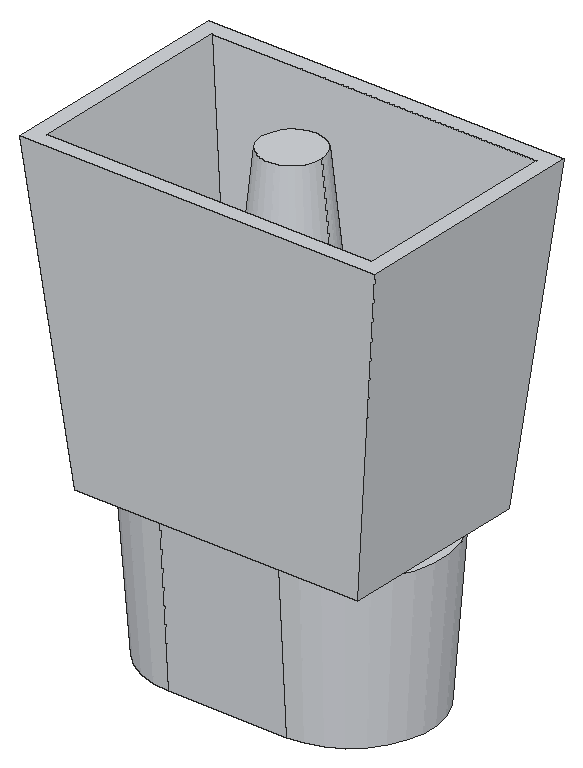
Revit family "82178b7e9ec04cd1a9e7e9eac88e2c07", category Security Devices, host Face, Revit 2021
Family settings
  Host = Face
  Maintain Annotation Orientation = Yes
  Round Connector Dimension = Use Diameter
  Part Type = Normal
  OmniClass Number = 23.85.10.11.11.14
  OmniClass Title = Sirens
  Seek Item ID = Security Alarm-0000-USA-ENU
  Cut with Voids When Loaded = No
  Shared = No
  Room Calculation Point = No
Parameters (values of type "4"x6"")
  Width 1 = Siren Width * 0.8  # 0' - 3.2"
  Radius 1 = Siren Width * 0.4  # 0' - 1.6"
  Length 1 = Siren Length * 0.8  # 0' - 4.8"
  Height 1 = Siren Height / 3  # 0' - 2.66667"
  Default Elevation = 4' - 0"
  Siren Width = 0' - 4"
  Siren Material = none
  Siren Length = 0' - 6"
  Siren Height = 0' - 8"
Types (3): name | Width 1 | Radius 1 | Length 1 | Height 1 | Siren Width | Siren Length | Siren Height
  (no name) | 0' - 3.2" | 0' - 1.6" | 0' - 4.8" | 0' - 2.66667" | 0' - 4" | 0' - 6" | 0' - 8"
  4"x6" | 0' - 3.2" | 0' - 1.6" | 0' - 4.8" | 0' - 2.66667" | 0' - 4" | 0' - 6" | 0' - 8"
  5"x8" | 0' - 4" | 0' - 2" | 0' - 6.4" | 0' - 3.16667" | 0' - 5" | 0' - 8" | 0' - 9 1/2"
Reference planes (in)
  plane 1 "Center (Front/Back)": y = 0
  plane 2: z = 0
  plane 3 "Center (Left/Right)": x = 0
  plane 4: x = -3
  plane 5: x = 3
  plane 6: z = 8
  plane 7: y = 2
  plane 8: y = -2
  plane 9: y = 1.75
  plane 10: y = -1.75
  plane 11: x = -2.75
  plane 12: x = 2.75
  plane 13: x = -2.4
  plane 14: x = 2.4
  plane 15: y = 1.6
  plane 16: y = -1.6
  plane 17: y = 1.35
  plane 18: y = -1.35
  plane 19: x = -2.15
  plane 20: x = 2.15
  plane 21: z = 2.91667
  plane 22: z = 2.66667
Forms (in)
  Blend 1, solid, material <- "Siren Material"
    base sketch origin (0, 0, 0) x (1, 0, 0) y (0, 1, 0)
      loop
        line (-2.4, 1.6) -> (-2.4, -1.6) -> (2.4, -1.6) -> (2.4, 1.6) -> (-2.4, 1.6)
    top sketch origin (0, 0, 0) x (1, 0, 0) y (0, 1, 0)
      loop
        line (-3, 2) -> (-3, -2) -> (3, -2) -> (3, 2) -> (-3, 2)
    from 2.66667 to 8
  Blend 2, void
    base sketch origin (0, 0, 0) x (1, 0, 0) y (0, 1, 0)
      loop
        line (-2.15, 1.35) -> (-2.15, -1.35) -> (2.15, -1.35) -> (2.15, 1.35) -> (-2.15, 1.35)
    top sketch origin (0, 0, 0) x (1, 0, 0) y (0, 1, 0)
      loop
        line (-2.75, 1.75) -> (-2.75, -1.75) -> (2.75, -1.75) -> (2.75, 1.75) -> (-2.75, 1.75)
    from 2.91667 to 8
  Blend 3, solid, material <- "Siren Material"
    base sketch origin (0, 0, 0) x (1, 0, 0) y (0, 1, 0)
      loop
        arc (-1, 1.35) -> (-2.35, 0) -> (-1, -1.35) r 1.35
        line (-1, -1.35) -> (1, -1.35)
        arc (1, -1.35) -> (2.35, 0) -> (1, 1.35) r 1.35
        line (1, 1.35) -> (-1, 1.35)
    top sketch origin (0, 0, 0) x (1, 0, 0) y (0, 1, 0)
      loop
        arc (-1.0125, 1.5375) -> (-2.55, 0) -> (-1.0125, -1.5375) r 1.5375
        line (-1.0125, -1.5375) -> (1.0125, -1.5375)
        arc (1.0125, -1.5375) -> (2.55, 0) -> (1.0125, 1.5375) r 1.5375
        line (1.0125, 1.5375) -> (-1.0125, 1.5375)
    from 0 to 2.66667
  Blend 4, solid, material <- "Siren Material"
    base sketch origin (0, 0, 0) x (1, 0, 0) y (0, 1, 0)
      loop
        circle (0, 0) r 1
    top sketch origin (0, 0, 0) x (1, 0, 0) y (0, 1, 0)
      loop
        circle (0, 0) r 0.5
    from 3.16667 to 8
Cuts and joins
  Blend 2 cuts Blend 1
Lines and regions (in)
  symbolic lines, detail levels fine
    curve 1: line (3, 0, 8) -> (-3, 0, 8)
    curve 2: line (-2.35, 0, 0) -> (2.35, 0, 0)
    curve 3: line (2.55, 0, 2.66667) -> (-2.55, 0, 2.66667)
    curve 4: line (2.4, 0, 2.66667) -> (3, 0, 8)
    curve 5: line (-3, 0, 8) -> (-2.4, 0, 2.66667)
    curve 6: line (-2.55, 0, 2.66667) -> (-2.35, 0, 0)
    curve 7: line (2.55, 0, 2.66667) -> (2.35, 0, 0)
Dimensions and locks (in)
  equal spacing: plane 4, plane 3 "Center (Left/Right)", plane 5
  "Siren Length": plane 4 to plane 5
  "Siren Height": plane 6 to plane 2
  equal spacing: plane 7, plane 1 "Center (Front/Back)", plane 8
  "Siren Width": plane 7 to plane 8
  locked: plane 4 to plane 11 at 0.25
  locked: plane 12 to plane 5 at 0.25
  locked: plane 7 to plane 9 at 0.25
  locked: plane 10 to plane 8 at 0.25
  equal spacing: plane 13, plane 3 "Center (Left/Right)", plane 14
  "Length 1": plane 13 to plane 14
  equal spacing: plane 15, plane 1 "Center (Front/Back)", plane 16
  "Width 1": plane 15 to plane 16
  locked: plane 15 to plane 17 at 0.25
  locked: plane 18 to plane 16 at 0.25
  locked: plane 13 to plane 19 at 0.25
  locked: plane 20 to plane 14 at 0.25
  "Height 1": plane 22 to plane 2
  locked: plane 21 to plane 22 at 0.25
  aligned and locked: plane 2 to host face
  aligned and locked: level to host face
  aligned and locked: plane 13 to Blend 1 sketch curve
  aligned and locked: Blend 1 sketch curve to plane 15
  aligned and locked: plane 16 to Blend 1 sketch curve
  aligned and locked: Blend 1 sketch curve to plane 14
  aligned and locked: plane 4 to Blend 1 sketch curve
  aligned and locked: Blend 1 sketch curve to plane 7
  aligned and locked: plane 8 to Blend 1 sketch curve
  aligned and locked: Blend 1 sketch curve to plane 5
  aligned and locked: plane 19 to Blend 2 sketch curve
  aligned and locked: Blend 2 sketch curve to plane 17
  aligned and locked: plane 18 to Blend 2 sketch curve
  aligned and locked: Blend 2 sketch curve to plane 20
  aligned and locked: plane 11 to Blend 2 sketch curve
  aligned and locked: Blend 2 sketch curve to plane 9
  aligned and locked: plane 10 to Blend 2 sketch curve
  aligned and locked: Blend 2 sketch curve to plane 12
  aligned and locked: plane 6 to Blend 1
  aligned and locked: plane 6 to Blend 2
  aligned and locked: Blend 3 to plane 2
  aligned and locked: plane 1 "Center (Front/Back)" to Blend 4 sketch curve  (x2)
  aligned and locked: plane 3 "Center (Left/Right)" to Blend 4 sketch curve  (x2)
  aligned and locked: plane 6 to Blend 4
  aligned and locked: Blend 2 to plane 21
  aligned and locked: Blend 3 sketch curve to plane 17
  aligned and locked: plane 18 to Blend 3 sketch curve
  aligned and locked: cut or joined group of Blend 1, Blend 2 to plane 22
  aligned and locked: plane 22 to Blend 3
  aligned and locked: plane 3 "Center (Left/Right)" to nested 1
  aligned and locked: plane 1 "Center (Front/Back)" to nested 1
  aligned and locked: curve 1 to cut or joined group of Blend 1, Blend 2
  aligned and locked: curve 2 to Blend 3
  aligned and locked: curve 3 to Blend 3
  aligned and locked: curve 4 to cut or joined group of Blend 1, Blend 2
  aligned and locked: curve 5 to cut or joined group of Blend 1, Blend 2
Automatic sketch dimensions
  host sketch curve to host sketch curve = 8' - 0"  (x2)
  Blend 3 sketch curve to plane 3 "Center (Left/Right)" = 0' - 1"
  plane 3 "Center (Left/Right)" to Blend 3 sketch curve = 0' - 1"
  plane 1 "Center (Front/Back)" to Blend 3 sketch curve = 0' - 0"
  Blend 3 sketch curve to plane 15 = 0' - 0 1/16"
  Blend 3 sketch curve to plane 3 "Center (Left/Right)" = 0' - 1.0125"
  plane 3 "Center (Left/Right)" to Blend 3 sketch curve = 0' - 1.0125"
  curve 6 to plane 13 = 0' - 0.15"
  plane 13 to curve 2 = 0' - 0.05"
  curve 2 to plane 14 = 0' - 0.05"
  plane 14 to curve 3 = 0' - 0.15"
  radius of Blend 4 sketch curve = 0' - 1"
  radius of Blend 4 sketch curve = 0' - 0 1/2"
Nested families (in)
  nested 1: "Security Alarm Annotation" at (0, 0, 0), type "Security Alarm Annotation", detail levels coarse+medium
Connectors (in)
  electrical at (0, 0, 0)
    settings: on Blend 3, index 1, voltage 0 V, apparent load 0 VA, apparent load phase1 0 VA, apparent load phase2 0 VA, apparent load phase3 0 VA, power factor 1, load classification "Other", number of poles 1, system type 10, power factor state 1, is connector primary yes, connector utility no, sub classification motor no, connector description ""
Definition of nested family "Security Alarm Annotation"
  Parameters
    Label Annotation = "AIM"
  Reference planes (in)
    plane 1: y = 0
    plane 2: x = 0
  Lines and regions (in)
    Filled region 1, type "Solid Black"
      outline origin (0, 0.0625, 0) x (1, 0, 0) y (0, 1, 0)
        loop
          line (0, 0.0625) -> (0, -0.0625)
          arc (0, -0.0625) -> (0.0625, 0) -> (0, 0.0625) r 0.0625
    detail lines
      curve 1: circle (0, 0.0625, 0) r 0.0625 normal (0, 0, 1)
    reference lines
      curve 2: line (-0.37484, 0.0625, 0) -> (0.52968, 0.0625, 0)
  Dimensions and locks (in)
    plane 1 to curve 2 = 0' - 0 1/16"
    radius of curve 1 = 0' - 0 1/16"
    aligned and locked: plane 2 to curve 1
    aligned and locked: Filled region 1 to plane 2
    aligned and locked: curve 2 to curve 1
    aligned and locked: curve 2 to Filled region 1 sketch curve
    aligned and locked: plane 2 to Filled region 1 sketch curve
